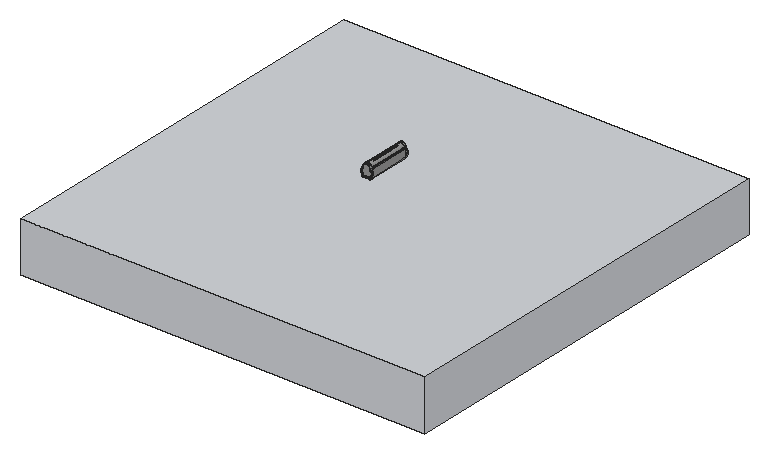
Revit family "L-trade II 12", category Осветительные приборы, Revit 2017
Family settings
  Основа = Грань
  Размер круглого соединителя = Использовать диаметр
  Тип детали = Нормальный
  При загрузке вырезать с полостями = Нет
  Источник света = Да
  Общий = Нет
  Точка расчета площади = Нет
Parameters (values of type "L-trade II 12 4.0K Д")
  Расстояние от светильника до поверхности = 250 mm
  Описание = "Универсальный светодиодный светильник нового поколения L-trade II 20 предназначен для освещения торговых залов, промышленных помещений, логистических центров, складов, магазинов, спортивных сооружений и т.д."
  Lamp = ""
  Кривая сил света = "Д"
  Комментарии к типоразмеру = "Торговые"
  Wattage Comments = ""
  Wattage = 11.108 W
  built-in parameter 1150110 = 1 (stored number, unit not read)
  built-in parameter 1114217 = 1 (stored number, unit not read)
  Tilt Angle = 90.00°
  built-in parameter 1150109 = 1 (stored number, unit not read)
  built-in parameter 1150134 = 6
  built-in parameter 1150113 = 1 (stored number, unit not read)
  Файл фотометрической сетки = "L-trade II 12-15-Д-4.0-03.ies"
  built-in parameter 1150142 = "䕉乓㩁䵌㘭ⴳ㤱㔹਍呛卅嵔䕌䕄ൌ嬊䅄䅔そ⸵㈰㈮㄰സ嬊䅍啎䅆嵃䕌䕄ൌ嬊啌䍍呁䱝琭慲敤䤠⁉㈱ㄯ⼵⿄⸴䬰〯ള嬊啌䥍䅎剉嵅⃿⃿‬痢‬Ⳣ‬⃨⃩⻲⻤†਍䱛䵁䍐呁䱝䑅਍䱛䵁嵐协䅒⁍啄䥒⁓㕓਍䥔呌丽乏൅ഊㄊㄠ㔶‰‱㜳ㄠㄠ㈠〠㈮ㄸ〠〮〵〠ㄮ㌱਍਍‱‱㔱਍਍〠㈠㔮㔠㜠㔮ㄠ‰㈱㔮ㄠ‵㜱㔮㈠‰㈲㔮㈠‵㜲㔮㌠‰㈳㔮㌠‵㜳㔮㐠‰㈴㔮㐠‵㜴㔮਍㔠‰㈵㔮㔠‵㜵㔮㘠‰㈶㔮㘠‵㜶㔮㜠‰㈷㔮㜠‵㜷㔮㠠‰㈸㔮㠠‵㜸㔮㤠രഊ 〠਍਍†ㄵ⸲㈳㔵㔉㐱㠮㔰षㄵ⸷㐶㄰㔉㘱㔮㜷लㄵ⸴㔴㐱㔉〱㔮㐵र〵⸵㐹〸㐉㠹㔮㜰श㠴⸸㐹㐱㐉㈸㔮㌶ह㜴⸴㘰㘰㐉㈶〮㐱ल㔴⸲〸㈲㐉㜴ㄮ㌳ळ㐴⸰〴㔱㐉㌲㜮㤴ल〴⸶㌰㤳㌉ㄹ㔮㜰ऴ㜳⸷㌳㈵㌉㤵㘮㤱ह㌳⸹㈴㔴㌉㈲㜮㈷ल〳⸲㌹ㄱ㈉㘷㌮㠵ल㘲⸰㘷㜸㈉㜳㜮㠳हㄲ⸶㠴㘰ㄉ㈹㜮㈴ऱ㜱⸰㘰㘶ㄉ㠴〮㤹श㌱⸰㠳㐴ㄉ㤰㐮〸ऴ㠸㈮㈲र〷ㄮ㈵व㈵〮㈸ह㔳〮㘷ल〲㔮㤴7"
  built-in parameter 1150105 = 131.3 (stored number, unit not read)
  Lumens = 1650 lm
  built-in parameter 1150115 = 1 (stored number, unit not read)
  built-in parameter 1150137 = (empty or 0)
  built-in parameter 1150139 = (empty or 0)
  built-in parameter 1150112 = 1 (stored number, unit not read)
  built-in parameter 1150114 = 1 (stored number, unit not read)
  built-in parameter 1150132 = 2
  Классификация нагрузок = Освещение
  built-in parameter 1150102 = (empty or 0)
  built-in parameter 1150107 = 4000 (stored number, unit not read)
  built-in parameter 1150138 = (empty or 0)
  built-in parameter 1150106 = 1.313 (stored number, unit not read)
  Emit from Rectangle Width = 48 mm
  Emit from Rectangle Length = 250 mm  # constant formula
  Manufacturer = ""
  Длина профиля = Emit from Rectangle Length  # 250 mm
  Emit Shape Visible in Rendering = no
  built-in parameter 1150104 = 13.8 (stored number, unit not read)
  Dimming Lamp Color Temperature Shift = (empty or 0)
  Default Elevation = 1219.2 mm
  Color Filter = 16777215
  built-in parameter 1114218 = 1 (stored number, unit not read)
  built-in parameter 1150133 = 10 (stored number, unit not read)
  Apparent Load = 15 VA  # constant formula
  Артикул = "205101500843300"
Reference planes
  plane 1 "Center (Front/Back)": y = 0
  plane 2: z = 0
  plane 3 "Center (Left/Right)": x = 0
Forms (mm)
  Extrusion 1, solid
    sketch origin (0, 0, 0) x (1, 0, 0) y (0, 1, 0)
      loop
        line (-1219.2, 1219.2) -> (-1219.2, -1219.2) -> (1219.2, -1219.2) -> (1219.2, 1219.2) -> (-1219.2, 1219.2)
    from 0 to -304.8
Dimensions and locks
  "Расстояние от светильника до поверхности": imposter light to Extrusion 1
  aligned and locked: plane 2 to Extrusion 1
  aligned and locked: level to Extrusion 1
Automatic sketch dimensions
  Extrusion 1 sketch curve to Extrusion 1 sketch curve = 2438.4 mm  (x2)
Nested families
  nested 1: "L-trade II_body_12" at (0, 0, 0), type "L-trade II_body"
Connectors
  electrical at (0, 0, 0), driven by "Apparent Load", driven by "Классификация нагрузок"
    settings: on Extrusion 1, index 1, voltage 230 V, apparent load 0 VA, apparent load phase1 15 VA, apparent load phase2 0 VA, apparent load phase3 0 VA, power factor 1, load classification "Освещение", number of poles 1, system type 31, power factor state 1, is connector primary yes, connector utility no, sub classification motor no, connector description ""
Definition of nested family "L-trade II_body_12"
  Parameters (values of type "L-trade II_body_12")
    Тип торцевой крышки = Trade II торцевая крышка : Trade II торцевая крышка
    Расстояние от светильника до плоскости = Расстояние от низа светильника до плоскости + 80 mm  # 250 mm
    Расстояние от низа светильника до плоскости = 170 mm
    Default Elevation = 1219.2 mm
    Начало выдавливания = 125 mm
    Конец выдавливания = Начало выдавливания * (-1)  # -125 mm
    Длина профиля = Начало выдавливания * 2  # 250 mm
  Reference planes
    plane 1 "По центру (Вперед/Назад)": y = 0
    plane 2: z = 0
    plane 3 "По центру (Влево/Вправо)": x = 0
    plane 4 "Плоскость расположения светильника": z = 170
  Forms (mm)
    Extrusion 1, solid
      sketch origin (0, 0, 0) x (1, 0, 0) y (0, 1, 0)
        loop
          line (-1219.2, 1219.2) -> (-1219.2, -1219.2) -> (1219.2, -1219.2) -> (1219.2, 1219.2) -> (-1219.2, 1219.2)
      from 0 to -304.8
    Extrusion 2, solid
      sketch origin (0, 0, 170) x (0, -1, 0) y (1, 0, 0)
        loop
          line (-125, 2.572) -> (134, 2.572) -> (134, 4.625) -> (-125, 4.625) -> (-125, 2.572)
        loop
          line (-125, -2.572) -> (-125, -4.625) -> (134, -4.625) -> (134, -2.572) -> (-125, -2.572)
      from 0 to 1
    Extrusion 3, solid
      sketch origin (0, 0, 0) x (1, 0, 0) y (0, 0, 1)
        loop
          line (2.572, 170) -> (21.583, 170)
          arc (21.583, 170) -> (23.284, 170.705) -> (23.988, 172.406) r 2.406
          line (23.988, 172.406) -> (23.988, 219.1) -> (23.054, 219.44)
          arc (23.054, 219.44) -> (20.433, 219.877) -> (22.85, 220.98) r 1.389
          line (22.85, 220.98) -> (23.732, 222.227)
          arc (23.732, 222.227) -> (24.096, 223.532) -> (23.546, 224.771) r 2.006
          arc (23.546, 224.771) -> (23.261, 225.083) -> (23.188, 225.5) r 0.757
          line (23.188, 225.5) -> (22.224, 225.5) -> (22.224, 224.659) -> (22.797, 224.087)
          arc (22.797, 224.087) -> (22.797, 222.684) -> (21.394, 222.684) r 0.992
          arc (21.394, 222.684) -> (21.071, 222.931) -> (20.696, 223.087) r 1.556
          line (20.696, 223.087) -> (18.325, 223.087)
          arc (18.325, 223.087) -> (16.847, 224.004) -> (18.515, 224.5) r 0.954
          line (18.515, 224.5) -> (19.803, 224.5) -> (19.803, 225.5) -> (19.002, 225.5)
          arc (19.002, 225.5) -> (17.792, 225.901) -> (16.582, 225.5) r 2.024
          line (16.582, 225.5) -> (4.453, 225.5) -> (4.453, 224.5) -> (5.483, 224.5) -> (5.483, 223.3) -> (-5.506, 223.3) -> (-5.506, 224.5) -> (-4.477, 224.5) -> (-4.477, 225.5) -> (-16.606, 225.5)
          arc (-16.606, 225.5) -> (-17.815, 225.901) -> (-19.025, 225.5) r 2.024
          line (-19.025, 225.5) -> (-19.826, 225.5) -> (-19.826, 224.5) -> (-18.538, 224.5)
          arc (-18.538, 224.5) -> (-16.87, 224.004) -> (-18.349, 223.087) r 0.954
          line (-18.349, 223.087) -> (-20.719, 223.087)
          arc (-20.719, 223.087) -> (-21.095, 222.931) -> (-21.417, 222.684) r 1.556
          arc (-21.417, 222.684) -> (-22.82, 222.684) -> (-22.82, 224.087) r 0.992
          line (-22.82, 224.087) -> (-22.247, 224.659) -> (-22.247, 225.5) -> (-23.212, 225.5)
          arc (-23.212, 225.5) -> (-23.284, 225.083) -> (-23.569, 224.771) r 0.757
          arc (-23.569, 224.771) -> (-24.119, 223.532) -> (-23.756, 222.227) r 2.006
          line (-23.756, 222.227) -> (-22.873, 220.98)
          arc (-22.873, 220.98) -> (-20.456, 219.877) -> (-23.077, 219.44) r 1.389
          line (-23.077, 219.44) -> (-24.012, 219.1) -> (-24.012, 172.406)
          arc (-24.012, 172.406) -> (-23.307, 170.705) -> (-21.606, 170) r 2.406
          line (-21.606, 170) -> (-2.595, 170) -> (-2.595, 171) -> (-4.649, 171) -> (-4.649, 175.456) -> (4.625, 175.456) -> (4.625, 171) -> (2.572, 171) -> (2.572, 170)
        loop
          line (5.619, 171) -> (21.584, 171)
          arc (21.584, 171) -> (22.577, 171.411) -> (22.988, 172.405) r 1.405
          line (22.988, 172.405) -> (22.988, 217.897)
          arc (22.988, 217.897) -> (19.715, 218.767) -> (20.407, 222.082) r 2.462
          line (20.407, 222.082) -> (18.726, 222.082)
          arc (18.726, 222.082) -> (16.485, 222.332) -> (15.866, 224.5) r 2.024
          line (15.866, 224.5) -> (6.476, 224.5) -> (6.476, 222.279) -> (-6.499, 222.279) -> (-6.499, 224.5) -> (-15.89, 224.5)
          arc (-15.89, 224.5) -> (-16.509, 222.332) -> (-18.749, 222.082) r 2.024
          line (-18.749, 222.082) -> (-20.43, 222.082)
          arc (-20.43, 222.082) -> (-19.738, 218.767) -> (-23.012, 217.897) r 2.462
          line (-23.012, 217.897) -> (-23.012, 172.405)
          arc (-23.012, 172.405) -> (-22.6, 171.411) -> (-21.607, 171) r 1.405
          line (-21.607, 171) -> (-5.642, 171) -> (-5.642, 176.427) -> (5.619, 176.427) -> (5.619, 171)
      from 125 <- "Начало выдавливания" to -125 <- "Конец выдавливания"
    Extrusion 4, solid
      sketch origin (0, 0, 0) x (1, 0, 0) y (0, 0, 1)
        loop
          arc (-0.012, 246.283) -> (14.71, 240.185) -> (20.808, 225.463) r 20.82
          line (20.808, 225.463) -> (20.808, 224.359) -> (18.369, 224.359) -> (18.369, 223.222) -> (22.088, 223.222) -> (22.088, 225.463)
          arc (22.088, 225.463) -> (15.615, 241.09) -> (-0.012, 247.563) r 22.1
          arc (-0.012, 247.563) -> (-15.639, 241.09) -> (-22.112, 225.463) r 22.1
          line (-22.112, 225.463) -> (-22.112, 223.222) -> (-18.393, 223.222) -> (-18.393, 224.359) -> (-20.832, 224.359) -> (-20.832, 225.463)
          arc (-20.832, 225.463) -> (-14.734, 240.185) -> (-0.012, 246.283) r 20.82
      from 125 <- "Начало выдавливания" to -125 <- "Конец выдавливания"
  Dimensions and locks
    "Расстояние от низа светильника до плоскости": plane 4 "Плоскость расположения светильника" to Extrusion 1
    aligned and locked: plane 2 to Extrusion 1
    aligned and locked: level to Extrusion 1
  Automatic sketch dimensions
    Extrusion 1 sketch curve to Extrusion 1 sketch curve = 2438.4 mm  (x2)
    Extrusion 2 sketch curve to plane 3 "По центру (Влево/Вправо)" = 2.572 mm
    Extrusion 2 sketch curve to plane 1 "По центру (Вперед/Назад)" = 125 mm
    plane 1 "По центру (Вперед/Назад)" to Extrusion 2 sketch curve = 134 mm
    plane 3 "По центру (Влево/Вправо)" to Extrusion 2 sketch curve = 2.572 mm
    Extrusion 2 sketch curve to Extrusion 2 sketch curve = 0 mm  (x2)
    Extrusion 2 sketch curve to Extrusion 2 sketch curve = 2.053 mm  (x2)
    Extrusion 3 sketch curve to Extrusion 3 sketch curve = 0 mm  (x22)
    Extrusion 3 sketch curve to plane 4 "Плоскость расположения светильника" = 0 mm  (x2)
    Extrusion 3 sketch curve to plane 3 "По центру (Влево/Вправо)" = 24.012 mm
    Extrusion 3 sketch curve to Extrusion 3 sketch curve = 0.047 mm
    Extrusion 3 sketch curve to Extrusion 3 sketch curve = 0.256 mm
    Extrusion 3 sketch curve to Extrusion 3 sketch curve = 0.753 mm  (x2)
    Extrusion 3 sketch curve to Extrusion 3 sketch curve = 0.935 mm  (x2)
    Extrusion 3 sketch curve to Extrusion 3 sketch curve = 1 mm  (x4)
    Extrusion 3 sketch curve to Extrusion 3 sketch curve = 0.882 mm  (x2)
    Extrusion 3 sketch curve to Extrusion 3 sketch curve = 0.392 mm
    Extrusion 3 sketch curve to Extrusion 3 sketch curve = 0.964 mm  (x2)
    Extrusion 3 sketch curve to Extrusion 3 sketch curve = 0.702 mm  (x2)
    Extrusion 3 sketch curve to Extrusion 3 sketch curve = 1.04 mm  (x2)
    Extrusion 3 sketch curve to Extrusion 3 sketch curve = 1.405 mm
    Extrusion 3 sketch curve to Extrusion 3 sketch curve = 0.001 mm  (x2)
    Extrusion 3 sketch curve to Extrusion 3 sketch curve = 1.399 mm  (x2)
    Extrusion 3 sketch curve to Extrusion 3 sketch curve = 0.289 mm  (x2)
    Extrusion 3 sketch curve to Extrusion 3 sketch curve = 0.114 mm  (x2)
    Extrusion 3 sketch curve to Extrusion 3 sketch curve = 2.421 mm
    Extrusion 3 sketch curve to Extrusion 3 sketch curve = 0.801 mm  (x2)
    Extrusion 3 sketch curve to Extrusion 3 sketch curve = 1.567 mm  (x2)
    Extrusion 3 sketch curve to Extrusion 3 sketch curve = 0.487 mm  (x2)
    Extrusion 3 sketch curve to Extrusion 3 sketch curve = 0.401 mm  (x2)
    Extrusion 3 sketch curve to Extrusion 3 sketch curve = 0.533 mm  (x2)
    Extrusion 3 sketch curve to Extrusion 3 sketch curve = 1.21 mm  (x2)
    Extrusion 3 sketch curve to Extrusion 3 sketch curve = 0.716 mm  (x2)
    Extrusion 3 sketch curve to plane 3 "По центру (Влево/Вправо)" = 6.499 mm
    plane 4 "Плоскость расположения светильника" to Extrusion 3 sketch curve = 1 mm  (x4)
    Extrusion 3 sketch curve to plane 3 "По центру (Влево/Вправо)" = 5.642 mm
    Extrusion 3 sketch curve to Extrusion 3 sketch curve = 0.993 mm  (x4)
    Extrusion 3 sketch curve to Extrusion 3 sketch curve = 1.03 mm  (x2)
    Extrusion 3 sketch curve to Extrusion 3 sketch curve = 2.053 mm  (x2)
    plane 3 "По центру (Влево/Вправо)" to Extrusion 3 sketch curve = 2.572 mm
    plane 3 "По центру (Влево/Вправо)" to Extrusion 3 sketch curve = 4.453 mm
    Extrusion 3 sketch curve to Extrusion 3 sketch curve = 9.39 mm
    Extrusion 3 sketch curve to Extrusion 3 sketch curve = 0.723 mm
    plane 4 "Плоскость расположения светильника" to Extrusion 3 sketch curve = 2.406 mm
    Extrusion 3 sketch curve to Extrusion 3 sketch curve = 15.964 mm
    Extrusion 3 sketch curve to Extrusion 3 sketch curve = 1.517 mm
    Extrusion 3 sketch curve to Extrusion 3 sketch curve = 0.129 mm
    Extrusion 3 sketch curve to Extrusion 3 sketch curve = 0.573 mm  (x3)
    Extrusion 3 sketch curve to Extrusion 3 sketch curve = 4.456 mm
    Extrusion 3 sketch curve to Extrusion 3 sketch curve = 0.971 mm
    Extrusion 3 sketch curve to Extrusion 3 sketch curve = 41.47 mm  (x2)
    Extrusion 3 sketch curve to Extrusion 3 sketch curve = 1.203 mm  (x2)
    Extrusion 3 sketch curve to Extrusion 3 sketch curve = 0.34 mm  (x2)
    Extrusion 3 sketch curve to Extrusion 3 sketch curve = 0.619 mm  (x2)
    Extrusion 3 sketch curve to Extrusion 3 sketch curve = 0.498 mm  (x2)
    Extrusion 3 sketch curve to Extrusion 3 sketch curve = 1.247 mm  (x2)
    Extrusion 3 sketch curve to Extrusion 3 sketch curve = 0.198 mm
    Extrusion 3 sketch curve to Extrusion 3 sketch curve = 1.005 mm  (x2)
    Extrusion 3 sketch curve to Extrusion 3 sketch curve = 1.021 mm
    Extrusion 3 sketch curve to Extrusion 3 sketch curve = 0.299 mm  (x2)
    Extrusion 3 sketch curve to Extrusion 3 sketch curve = 0.791 mm  (x2)
    Extrusion 3 sketch curve to Extrusion 3 sketch curve = 1.33 mm  (x2)
    Extrusion 3 sketch curve to Extrusion 3 sketch curve = 0.841 mm  (x2)
    Extrusion 3 sketch curve to Extrusion 3 sketch curve = 0.698 mm
    Extrusion 4 sketch curve to Extrusion 4 sketch curve = 0 mm  (x13)
    Extrusion 4 sketch curve to plane 3 "По центру (Влево/Вправо)" = 22.112 mm
    Extrusion 4 sketch curve to Extrusion 4 sketch curve = 1.28 mm
    Extrusion 4 sketch curve to Extrusion 4 sketch curve = 2.439 mm  (x2)
    Extrusion 4 sketch curve to plane 3 "По центру (Влево/Вправо)" = 0.012 mm
    plane 4 "Плоскость расположения светильника" to Extrusion 4 sketch curve = 53.222 mm
    Extrusion 4 sketch curve to Extrusion 4 sketch curve = 1.137 mm  (x2)
    Extrusion 4 sketch curve to Extrusion 4 sketch curve = 1.104 mm
  Nested families
    nested 1: "Trade II торцевая крышка" at (0.005, 0, 0), type <- "Тип торцевой крышки", type "Trade II торцевая крышка"
      with Расстояние от светильника до плоскости 250 mm, Расстояние до плоскости 178 mm, Начало профиля 125 mm, Начало выделения 125 mm, Конец профиля 125 mm, Конец выделения 125 mm, Длина профиля 250 mm
    nested 2: "Trade II торцевая крышка" at (0, 0, 0), type <- "Тип торцевой крышки", type "Trade II торцевая крышка"
      with Расстояние от светильника до плоскости 250 mm, Расстояние до плоскости 178 mm, Начало профиля 125 mm, Начало выделения 125 mm, Конец профиля 125 mm, Конец выделения 125 mm, Длина профиля 250 mm
  Definition of nested family "Trade II торцевая крышка"
    Parameters (values of type "Trade II торцевая крышка")
      Расстояние от светильника до плоскости = Расстояние до плоскости + 72 mm  # 322 mm
      Расстояние до плоскости = 250 mm
      Default Elevation = 1219.2 mm
      Начало профиля = 500 mm
      Начало выделения = Начало профиля  # 500 mm
      Конец профиля = Начало профиля  # 500 mm
      Конец выделения = Конец профиля  # 500 mm
      Длина профиля = Начало профиля * 2  # 1000 mm
    Reference planes
      plane 1 "По центру (Вперед/Назад)": y = 0
      plane 2: z = 0
      plane 3 "По центру (Влево/Вправо)": x = 0
      plane 4 "Плоскость низа светильника": z = 250
      plane 5 "Начало выд": y = -500
      plane 6 "Конец выд": y = 500
    Forms (mm)
      Extrusion 1, solid
        sketch origin (0, 0, 0) x (1, 0, 0) y (0, 1, 0)
          loop
            line (-1219.2, 1219.2) -> (-1219.2, -1219.2) -> (1219.2, -1219.2) -> (1219.2, 1219.2) -> (-1219.2, 1219.2)
        from 0 to -304.8
      Extrusion 2, solid
        sketch origin (0, 500, 0) x (0, 0, -1) y (1, 0, 0)
          loop
            arc (-298.752, 21.086) -> (-313.465, 14.795) -> (-319.533, -0.012) r 21.1
            arc (-319.533, -0.012) -> (-313.465, -14.818) -> (-298.752, -21.109) r 21.1
            arc (-298.752, -21.109) -> (-295.801, -23.179) -> (-292.204, -23.41) r 6.666
            arc (-292.204, -23.41) -> (-287.349, -22.848) -> (-283.631, -26.02) r 6.12
            line (-283.631, -26.02) -> (-282.1, -29.159)
            arc (-282.1, -29.159) -> (-281.536, -29.747) -> (-280.75, -29.964) r 1.536
            line (-280.75, -29.964) -> (-272.479, -29.964) -> (-264.208, -29.964)
            arc (-264.208, -29.964) -> (-263.423, -29.748) -> (-262.859, -29.161) r 1.536
            line (-262.859, -29.161) -> (-261.333, -26.017)
            arc (-261.333, -26.017) -> (-257.413, -22.783) -> (-252.402, -23.624) r 6.12
            arc (-252.402, -23.624) -> (-249.184, -24.431) -> (-246.185, -23.012) r 4.919
            arc (-246.185, -23.012) -> (-245.496, -23.055) -> (-244.832, -22.871) r 2.071
            arc (-244.832, -22.871) -> (-244.246, -22.355) -> (-244.028, -21.606) r 1.397
            line (-244.028, -21.606) -> (-244.028, -5.649) -> (-250, -5.649) -> (-250, -0.012) -> (-250, 5.625) -> (-244.028, 5.625) -> (-244.028, 21.583)
            arc (-244.028, 21.583) -> (-244.246, 22.332) -> (-244.832, 22.848) r 1.397
            arc (-244.832, 22.848) -> (-245.496, 23.032) -> (-246.185, 22.988) r 2.071
            arc (-246.185, 22.988) -> (-249.184, 24.408) -> (-252.402, 23.601) r 4.919
            arc (-252.402, 23.601) -> (-257.413, 22.759) -> (-261.333, 25.993) r 6.12
            line (-261.333, 25.993) -> (-262.859, 29.137)
            arc (-262.859, 29.137) -> (-263.423, 29.725) -> (-264.208, 29.94) r 1.536
            line (-264.208, 29.94) -> (-272.479, 29.94) -> (-280.75, 29.94)
            arc (-280.75, 29.94) -> (-281.536, 29.724) -> (-282.1, 29.136) r 1.536
            line (-282.1, 29.136) -> (-283.631, 25.997)
            arc (-283.631, 25.997) -> (-287.349, 22.825) -> (-292.204, 23.386) r 6.12
            arc (-292.204, 23.386) -> (-295.801, 23.156) -> (-298.752, 21.086) r 6.666
        from 0 to -1
      Extrusion 3, solid
        sketch origin (0, -500, 0) x (0, 0, -1) y (1, 0, 0)
          loop
            line (-244.028, 5.632) -> (-244.028, 21.59)
            arc (-244.028, 21.59) -> (-244.246, 22.339) -> (-244.832, 22.854) r 1.397
            arc (-244.832, 22.854) -> (-245.496, 23.039) -> (-246.185, 22.995) r 2.071
            arc (-246.185, 22.995) -> (-249.184, 24.415) -> (-252.402, 23.607) r 4.919
            arc (-252.402, 23.607) -> (-257.413, 22.766) -> (-261.333, 26) r 6.12
            line (-261.333, 26) -> (-262.859, 29.144)
            arc (-262.859, 29.144) -> (-263.423, 29.731) -> (-264.208, 29.947) r 1.536
            line (-264.208, 29.947) -> (-272.479, 29.947) -> (-280.75, 29.947)
            arc (-280.75, 29.947) -> (-281.536, 29.731) -> (-282.1, 29.143) r 1.536
            line (-282.1, 29.143) -> (-283.631, 26.003)
            arc (-283.631, 26.003) -> (-287.349, 22.832) -> (-292.204, 23.393) r 6.12
            arc (-292.204, 23.393) -> (-295.801, 23.163) -> (-298.752, 21.093) r 6.666
            arc (-298.752, 21.093) -> (-313.465, 14.802) -> (-319.533, -0.005) r 21.1
            arc (-319.533, -0.005) -> (-313.465, -14.811) -> (-298.752, -21.102) r 21.1
            arc (-298.752, -21.102) -> (-295.801, -23.172) -> (-292.204, -23.403) r 6.666
            arc (-292.204, -23.403) -> (-287.349, -22.841) -> (-283.631, -26.013) r 6.12
            line (-283.631, -26.013) -> (-282.1, -29.153)
            arc (-282.1, -29.153) -> (-281.536, -29.741) -> (-280.75, -29.957) r 1.536
            line (-280.75, -29.957) -> (-272.479, -29.957) -> (-264.208, -29.957)
            arc (-264.208, -29.957) -> (-263.423, -29.741) -> (-262.859, -29.154) r 1.536
            line (-262.859, -29.154) -> (-261.333, -26.01)
            arc (-261.333, -26.01) -> (-257.413, -22.776) -> (-252.402, -23.617) r 6.12
            arc (-252.402, -23.617) -> (-249.184, -24.424) -> (-246.185, -23.005) r 4.919
            arc (-246.185, -23.005) -> (-245.496, -23.049) -> (-244.832, -22.864) r 2.071
            arc (-244.832, -22.864) -> (-244.246, -22.348) -> (-244.028, -21.599) r 1.397
            line (-244.028, -21.599) -> (-244.028, -5.642) -> (-248, -5.642) -> (-250, -5.649) -> (-250, 5.625) -> (-248, 5.625) -> (-244.028, 5.632)
        from 0 to 1
      Extrusion 4, solid
        sketch origin (0, -500, 0) x (0, 0, -1) y (1, 0, 0)
          loop
            arc (-319.533, -0.005) -> (-313.465, -14.811) -> (-298.752, -21.102) r 21.1
            arc (-298.752, -21.102) -> (-295.801, -23.172) -> (-292.204, -23.403) r 6.666
            arc (-292.204, -23.403) -> (-287.349, -22.841) -> (-283.631, -26.013) r 6.12
            line (-283.631, -26.013) -> (-282.1, -29.153)
            arc (-282.1, -29.153) -> (-281.536, -29.741) -> (-280.75, -29.957) r 1.536
            line (-280.75, -29.957) -> (-272.479, -29.957) -> (-264.208, -29.957)
            arc (-264.208, -29.957) -> (-263.423, -29.741) -> (-262.859, -29.154) r 1.536
            line (-262.859, -29.154) -> (-261.333, -26.01)
            arc (-261.333, -26.01) -> (-257.413, -22.776) -> (-252.402, -23.617) r 6.12
            arc (-252.402, -23.617) -> (-249.184, -24.424) -> (-246.185, -23.005) r 4.919
            arc (-246.185, -23.005) -> (-245.496, -23.049) -> (-244.832, -22.864) r 2.071
            arc (-244.832, -22.864) -> (-244.246, -22.348) -> (-244.028, -21.599) r 1.397
            line (-244.028, -21.599) -> (-244.028, -5.642) -> (-248, -5.642) -> (-250, -5.649) -> (-250, -0.012) -> (-250, 5.639) -> (-248, 5.639) -> (-244.028, 5.632) -> (-244.028, 21.59)
            arc (-244.028, 21.59) -> (-244.246, 22.339) -> (-244.832, 22.854) r 1.397
            arc (-244.832, 22.854) -> (-245.496, 23.039) -> (-246.185, 22.995) r 2.071
            arc (-246.185, 22.995) -> (-249.184, 24.415) -> (-252.402, 23.607) r 4.919
            arc (-252.402, 23.607) -> (-257.413, 22.766) -> (-261.333, 26) r 6.12
            line (-261.333, 26) -> (-262.859, 29.144)
            arc (-262.859, 29.144) -> (-263.423, 29.731) -> (-264.208, 29.947) r 1.536
            line (-264.208, 29.947) -> (-272.479, 29.947) -> (-280.75, 29.947)
            arc (-280.75, 29.947) -> (-281.536, 29.731) -> (-282.1, 29.143) r 1.536
            line (-282.1, 29.143) -> (-283.631, 26.003)
            arc (-283.631, 26.003) -> (-287.349, 22.832) -> (-292.204, 23.393) r 6.12
            arc (-292.204, 23.393) -> (-295.801, 23.163) -> (-298.752, 21.093) r 6.666
            arc (-298.752, 21.093) -> (-313.465, 14.802) -> (-319.533, -0.005) r 21.1
          loop
            arc (-321.533, -0.005) -> (-315.194, -15.9) -> (-299.657, -23.072) r 23.1
            arc (-299.657, -23.072) -> (-295.831, -25.254) -> (-291.427, -25.274) r 8.666
            arc (-291.427, -25.274) -> (-288.06, -24.718) -> (-285.429, -26.89) r 4.12
            line (-285.429, -26.89) -> (-283.883, -30.06)
            arc (-283.883, -30.06) -> (-282.581, -31.446) -> (-280.75, -31.957) r 3.536
            line (-280.75, -31.957) -> (-272.479, -31.957) -> (-264.208, -31.957)
            arc (-264.208, -31.957) -> (-262.377, -31.446) -> (-261.075, -30.06) r 3.536
            line (-261.075, -30.06) -> (-259.534, -26.884)
            arc (-259.534, -26.884) -> (-256.893, -24.707) -> (-253.519, -25.276) r 4.12
            arc (-253.519, -25.276) -> (-249.474, -26.446) -> (-245.501, -25.054) r 6.919
            arc (-245.501, -25.054) -> (-244.724, -24.938) -> (-243.983, -24.675) r 4.071
            arc (-243.983, -24.675) -> (-242.558, -23.421) -> (-242.028, -21.599) r 3.397
            line (-242.028, -21.599) -> (-242.028, -3.642) -> (-248, -3.642) -> (-248, -0.012) -> (-248, 3.632) -> (-242.028, 3.632) -> (-242.028, 21.59)
            arc (-242.028, 21.59) -> (-242.558, 23.412) -> (-243.983, 24.665) r 3.397
            arc (-243.983, 24.665) -> (-244.724, 24.929) -> (-245.501, 25.045) r 4.071
            arc (-245.501, 25.045) -> (-249.474, 26.436) -> (-253.519, 25.267) r 6.919
            arc (-253.519, 25.267) -> (-256.893, 24.698) -> (-259.534, 26.875) r 4.12
            line (-259.534, 26.875) -> (-261.075, 30.05)
            arc (-261.075, 30.05) -> (-262.377, 31.436) -> (-264.208, 31.947) r 3.536
            line (-264.208, 31.947) -> (-272.479, 31.947) -> (-280.75, 31.947)
            arc (-280.75, 31.947) -> (-282.581, 31.436) -> (-283.883, 30.05) r 3.536
            line (-283.883, 30.05) -> (-285.429, 26.88)
            arc (-285.429, 26.88) -> (-288.06, 24.708) -> (-291.427, 25.265) r 4.12
            arc (-291.427, 25.265) -> (-295.831, 25.245) -> (-299.657, 23.063) r 8.666
            arc (-299.657, 23.063) -> (-315.194, 15.891) -> (-321.533, -0.005) r 23.1
        from 0 to 9
      Extrusion 5, solid
        sketch origin (0, 500, 0) x (0, 0, -1) y (1, 0, 0)
          loop
            arc (-319.526, -0.004) -> (-313.459, -14.811) -> (-298.746, -21.101) r 21.1
            arc (-298.746, -21.101) -> (-295.795, -23.171) -> (-292.197, -23.402) r 6.666
            arc (-292.197, -23.402) -> (-287.343, -22.84) -> (-283.625, -26.012) r 6.12
            line (-283.625, -26.012) -> (-282.093, -29.152)
            arc (-282.093, -29.152) -> (-281.529, -29.74) -> (-280.743, -29.956) r 1.536
            line (-280.743, -29.956) -> (-272.472, -29.956) -> (-264.202, -29.956)
            arc (-264.202, -29.956) -> (-263.416, -29.74) -> (-262.852, -29.153) r 1.536
            line (-262.852, -29.153) -> (-261.326, -26.009)
            arc (-261.326, -26.009) -> (-257.406, -22.775) -> (-252.395, -23.616) r 6.12
            arc (-252.395, -23.616) -> (-249.177, -24.424) -> (-246.178, -23.004) r 4.919
            arc (-246.178, -23.004) -> (-245.49, -23.048) -> (-244.825, -22.863) r 2.071
            arc (-244.825, -22.863) -> (-244.239, -22.348) -> (-244.021, -21.598) r 1.397
            line (-244.021, -21.598) -> (-244.021, -5.641) -> (-247.993, -5.641) -> (-249.993, -5.648) -> (-249.993, -0.011) -> (-249.993, 5.64) -> (-247.993, 5.64) -> (-244.021, 5.633) -> (-244.021, 21.59)
            arc (-244.021, 21.59) -> (-244.239, 22.34) -> (-244.825, 22.855) r 1.397
            arc (-244.825, 22.855) -> (-245.49, 23.04) -> (-246.178, 22.996) r 2.071
            arc (-246.178, 22.996) -> (-249.177, 24.416) -> (-252.395, 23.608) r 4.919
            arc (-252.395, 23.608) -> (-257.406, 22.767) -> (-261.326, 26.001) r 6.12
            line (-261.326, 26.001) -> (-262.852, 29.145)
            arc (-262.852, 29.145) -> (-263.416, 29.732) -> (-264.202, 29.948) r 1.536
            line (-264.202, 29.948) -> (-272.472, 29.948) -> (-280.743, 29.948)
            arc (-280.743, 29.948) -> (-281.529, 29.732) -> (-282.093, 29.144) r 1.536
            line (-282.093, 29.144) -> (-283.625, 26.004)
            arc (-283.625, 26.004) -> (-287.343, 22.833) -> (-292.197, 23.394) r 6.12
            arc (-292.197, 23.394) -> (-295.795, 23.163) -> (-298.746, 21.094) r 6.666
            arc (-298.746, 21.094) -> (-313.459, 14.803) -> (-319.526, -0.004) r 21.1
          loop
            arc (-321.526, -0.004) -> (-315.188, -15.899) -> (-299.65, -23.071) r 23.1
            arc (-299.65, -23.071) -> (-295.824, -25.254) -> (-291.42, -25.273) r 8.666
            arc (-291.42, -25.273) -> (-288.054, -24.717) -> (-285.422, -26.889) r 4.12
            line (-285.422, -26.889) -> (-283.876, -30.059)
            arc (-283.876, -30.059) -> (-282.575, -31.445) -> (-280.743, -31.956) r 3.536
            line (-280.743, -31.956) -> (-272.472, -31.956) -> (-264.202, -31.956)
            arc (-264.202, -31.956) -> (-262.37, -31.445) -> (-261.068, -30.059) r 3.536
            line (-261.068, -30.059) -> (-259.527, -26.883)
            arc (-259.527, -26.883) -> (-256.887, -24.706) -> (-253.512, -25.275) r 4.12
            arc (-253.512, -25.275) -> (-249.468, -26.445) -> (-245.494, -25.053) r 6.919
            arc (-245.494, -25.053) -> (-244.717, -24.937) -> (-243.976, -24.674) r 4.071
            arc (-243.976, -24.674) -> (-242.551, -23.421) -> (-242.021, -21.598) r 3.397
            line (-242.021, -21.598) -> (-242.021, -3.641) -> (-247.993, -3.641) -> (-247.993, -0.011) -> (-247.993, 3.633) -> (-242.021, 3.633) -> (-242.021, 21.59)
            arc (-242.021, 21.59) -> (-242.551, 23.413) -> (-243.976, 24.666) r 3.397
            arc (-243.976, 24.666) -> (-244.717, 24.93) -> (-245.494, 25.046) r 4.071
            arc (-245.494, 25.046) -> (-249.468, 26.437) -> (-253.512, 25.267) r 6.919
            arc (-253.512, 25.267) -> (-256.887, 24.698) -> (-259.527, 26.875) r 4.12
            line (-259.527, 26.875) -> (-261.068, 30.051)
            arc (-261.068, 30.051) -> (-262.37, 31.437) -> (-264.202, 31.948) r 3.536
            line (-264.202, 31.948) -> (-272.472, 31.948) -> (-280.743, 31.948)
            arc (-280.743, 31.948) -> (-282.575, 31.437) -> (-283.876, 30.051) r 3.536
            line (-283.876, 30.051) -> (-285.422, 26.881)
            arc (-285.422, 26.881) -> (-288.054, 24.709) -> (-291.42, 25.265) r 4.12
            arc (-291.42, 25.265) -> (-295.824, 25.246) -> (-299.65, 23.064) r 8.666
            arc (-299.65, 23.064) -> (-315.188, 15.892) -> (-321.526, -0.004) r 23.1
        from 0 to -9
      Extrusion 6, solid
        sketch origin (0, -500, 0) x (0, 0, -1) y (1, 0, 0)
          loop
            line (-244.028, 5.632) -> (-244.028, 21.59)
            arc (-244.028, 21.59) -> (-244.246, 22.339) -> (-244.832, 22.854) r 1.397
            arc (-244.832, 22.854) -> (-245.496, 23.039) -> (-246.185, 22.995) r 2.071
            arc (-246.185, 22.995) -> (-249.184, 24.415) -> (-252.402, 23.607) r 4.919
            arc (-252.402, 23.607) -> (-257.413, 22.766) -> (-261.333, 26) r 6.12
            line (-261.333, 26) -> (-262.859, 29.144)
            arc (-262.859, 29.144) -> (-263.423, 29.731) -> (-264.208, 29.947) r 1.536
            line (-264.208, 29.947) -> (-272.479, 29.947) -> (-280.75, 29.947)
            arc (-280.75, 29.947) -> (-281.536, 29.731) -> (-282.1, 29.143) r 1.536
            line (-282.1, 29.143) -> (-283.631, 26.003)
            arc (-283.631, 26.003) -> (-287.349, 22.832) -> (-292.204, 23.393) r 6.12
            arc (-292.204, 23.393) -> (-295.801, 23.163) -> (-298.752, 21.093) r 6.666
            arc (-298.752, 21.093) -> (-313.465, 14.802) -> (-319.533, -0.005) r 21.1
            arc (-319.533, -0.005) -> (-313.465, -14.811) -> (-298.752, -21.102) r 21.1
            arc (-298.752, -21.102) -> (-295.801, -23.172) -> (-292.204, -23.403) r 6.666
            arc (-292.204, -23.403) -> (-287.349, -22.841) -> (-283.631, -26.013) r 6.12
            line (-283.631, -26.013) -> (-282.1, -29.153)
            arc (-282.1, -29.153) -> (-281.536, -29.741) -> (-280.75, -29.957) r 1.536
            line (-280.75, -29.957) -> (-272.479, -29.957) -> (-264.208, -29.957)
            arc (-264.208, -29.957) -> (-263.423, -29.741) -> (-262.859, -29.154) r 1.536
            line (-262.859, -29.154) -> (-261.333, -26.01)
            arc (-261.333, -26.01) -> (-257.413, -22.776) -> (-252.402, -23.617) r 6.12
            arc (-252.402, -23.617) -> (-249.184, -24.424) -> (-246.185, -23.005) r 4.919
            arc (-246.185, -23.005) -> (-245.496, -23.049) -> (-244.832, -22.864) r 2.071
            arc (-244.832, -22.864) -> (-244.246, -22.348) -> (-244.028, -21.599) r 1.397
            line (-244.028, -21.599) -> (-244.028, -5.642) -> (-248, -5.642) -> (-250, -5.649) -> (-250, 5.625) -> (-248, 5.625) -> (-244.028, 5.632)
        from 8 to 9
      Extrusion 7, solid
        sketch origin (0, 500, 0) x (0, 0, -1) y (1, 0, 0)
          loop
            line (-244.028, 5.632) -> (-244.028, 21.59)
            arc (-244.028, 21.59) -> (-244.246, 22.339) -> (-244.832, 22.854) r 1.397
            arc (-244.832, 22.854) -> (-245.496, 23.039) -> (-246.185, 22.995) r 2.071
            arc (-246.185, 22.995) -> (-249.184, 24.415) -> (-252.402, 23.607) r 4.919
            arc (-252.402, 23.607) -> (-257.413, 22.766) -> (-261.333, 26) r 6.12
            line (-261.333, 26) -> (-262.859, 29.144)
            arc (-262.859, 29.144) -> (-263.423, 29.731) -> (-264.208, 29.947) r 1.536
            line (-264.208, 29.947) -> (-272.479, 29.947) -> (-280.75, 29.947)
            arc (-280.75, 29.947) -> (-281.536, 29.731) -> (-282.1, 29.143) r 1.536
            line (-282.1, 29.143) -> (-283.631, 26.003)
            arc (-283.631, 26.003) -> (-287.349, 22.832) -> (-292.204, 23.393) r 6.12
            arc (-292.204, 23.393) -> (-295.801, 23.163) -> (-298.752, 21.093) r 6.666
            arc (-298.752, 21.093) -> (-313.465, 14.802) -> (-319.533, -0.005) r 21.1
            arc (-319.533, -0.005) -> (-313.465, -14.811) -> (-298.752, -21.102) r 21.1
            arc (-298.752, -21.102) -> (-295.801, -23.172) -> (-292.204, -23.403) r 6.666
            arc (-292.204, -23.403) -> (-287.349, -22.841) -> (-283.631, -26.013) r 6.12
            line (-283.631, -26.013) -> (-282.1, -29.153)
            arc (-282.1, -29.153) -> (-281.536, -29.741) -> (-280.75, -29.957) r 1.536
            line (-280.75, -29.957) -> (-272.479, -29.957) -> (-264.208, -29.957)
            arc (-264.208, -29.957) -> (-263.423, -29.741) -> (-262.859, -29.154) r 1.536
            line (-262.859, -29.154) -> (-261.333, -26.01)
            arc (-261.333, -26.01) -> (-257.413, -22.776) -> (-252.402, -23.617) r 6.12
            arc (-252.402, -23.617) -> (-249.184, -24.424) -> (-246.185, -23.005) r 4.919
            arc (-246.185, -23.005) -> (-245.496, -23.049) -> (-244.832, -22.864) r 2.071
            arc (-244.832, -22.864) -> (-244.246, -22.348) -> (-244.028, -21.599) r 1.397
            line (-244.028, -21.599) -> (-244.028, -5.642) -> (-248, -5.642) -> (-250, -5.649) -> (-250, 5.625) -> (-248, 5.625) -> (-244.028, 5.632)
        from -8 to -9
    Dimensions and locks
      "Расстояние до плоскости": plane 4 "Плоскость низа светильника" to Extrusion 1
      "Начало выделения": plane 5 "Начало выд" to plane 1 "По центру (Вперед/Назад)"
      "Конец выделения": plane 1 "По центру (Вперед/Назад)" to plane 6 "Конец выд"
      aligned and locked: plane 2 to Extrusion 1
      aligned and locked: level to Extrusion 1
    Automatic sketch dimensions
      Extrusion 1 sketch curve to Extrusion 1 sketch curve = 2438.4 mm  (x2)
      Extrusion 2 sketch curve to Extrusion 2 sketch curve = 0 mm  (x2)
      Extrusion 2 sketch curve to plane 4 "Плоскость низа светильника" = 0 mm
      plane 4 "Плоскость низа светильника" to Extrusion 2 sketch curve = 5.829 mm  (x2)
      Extrusion 2 sketch curve to Extrusion 2 sketch curve = 5.503 mm  (x2)
      Extrusion 2 sketch curve to Extrusion 2 sketch curve = 1.526 mm  (x2)
      Extrusion 2 sketch curve to Extrusion 2 sketch curve = 1.35 mm  (x4)
      Extrusion 2 sketch curve to Extrusion 2 sketch curve = 8.271 mm  (x4)
      Extrusion 2 sketch curve to Extrusion 2 sketch curve = 1.531 mm  (x2)
      Extrusion 2 sketch curve to Extrusion 2 sketch curve = 5.501 mm  (x2)
      Extrusion 2 sketch curve to Extrusion 2 sketch curve = 4.46 mm  (x2)
      Extrusion 2 sketch curve to plane 3 "По центру (Влево/Вправо)" = 0.012 mm  (x2)
      Extrusion 2 sketch curve to Extrusion 2 sketch curve = 4.841 mm
      Extrusion 2 sketch curve to plane 4 "Плоскость низа светильника" = 0.334 mm  (x2)
      Extrusion 2 sketch curve to Extrusion 2 sketch curve = 3.955 mm  (x2)
      Extrusion 2 sketch curve to Extrusion 2 sketch curve = 0.286 mm  (x2)
      Extrusion 2 sketch curve to Extrusion 2 sketch curve = 1.397 mm
      Extrusion 2 sketch curve to plane 4 "Плоскость низа светильника" = 5.972 mm
      Extrusion 2 sketch curve to plane 3 "По центру (Влево/Вправо)" = 5.649 mm
      Extrusion 2 sketch curve to plane 3 "По центру (Влево/Вправо)" = 16.89 mm
      Extrusion 2 sketch curve to Extrusion 2 sketch curve = 13.888 mm  (x2)
      Extrusion 2 sketch curve to Extrusion 2 sketch curve = 1.459 mm  (x2)
      Extrusion 2 sketch curve to Extrusion 2 sketch curve = 0.611 mm  (x2)
      Extrusion 2 sketch curve to Extrusion 2 sketch curve = 6.48 mm  (x2)
      Extrusion 2 sketch curve to Extrusion 2 sketch curve = 9.13 mm  (x2)
      Extrusion 2 sketch curve to Extrusion 2 sketch curve = 2.408 mm  (x2)
      Extrusion 2 sketch curve to Extrusion 2 sketch curve = 2.412 mm  (x2)
      Extrusion 2 sketch curve to Extrusion 2 sketch curve = 2.678 mm  (x2)
      Extrusion 2 sketch curve to Extrusion 2 sketch curve = 2.683 mm  (x2)
      Extrusion 2 sketch curve to Extrusion 2 sketch curve = 0.731 mm  (x2)
      plane 3 "По центру (Влево/Вправо)" to Extrusion 2 sketch curve = 5.625 mm
      plane 3 "По центру (Влево/Вправо)" to Extrusion 2 sketch curve = 16.867 mm
      plane 4 "Плоскость низа светильника" to Extrusion 2 sketch curve = 2.402 mm  (x2)
      Extrusion 2 sketch curve to Extrusion 2 sketch curve = 3.072 mm  (x2)
      Extrusion 2 sketch curve to Extrusion 2 sketch curve = 5.16 mm
      Extrusion 2 sketch curve to Extrusion 2 sketch curve = 1.353 mm  (x2)
      Extrusion 3 sketch curve to Extrusion 3 sketch curve = 0 mm  (x4)
      Extrusion 3 sketch curve to plane 4 "Плоскость низа светильника" = 0 mm
      plane 4 "Плоскость низа светильника" to Extrusion 3 sketch curve = 5.829 mm  (x2)
      Extrusion 3 sketch curve to Extrusion 3 sketch curve = 5.503 mm  (x2)
      Extrusion 3 sketch curve to Extrusion 3 sketch curve = 1.526 mm  (x2)
      Extrusion 3 sketch curve to Extrusion 3 sketch curve = 1.35 mm  (x4)
      Extrusion 3 sketch curve to Extrusion 3 sketch curve = 8.271 mm  (x4)
      Extrusion 3 sketch curve to Extrusion 3 sketch curve = 1.531 mm  (x2)
      Extrusion 3 sketch curve to Extrusion 3 sketch curve = 5.501 mm  (x2)
      Extrusion 3 sketch curve to Extrusion 3 sketch curve = 4.46 mm  (x2)
      Extrusion 3 sketch curve to plane 3 "По центру (Влево/Вправо)" = 0.005 mm
      Extrusion 3 sketch curve to Extrusion 3 sketch curve = 4.841 mm
      Extrusion 3 sketch curve to plane 4 "Плоскость низа светильника" = 0.334 mm  (x2)
      Extrusion 3 sketch curve to Extrusion 3 sketch curve = 3.955 mm  (x2)
      Extrusion 3 sketch curve to Extrusion 3 sketch curve = 0.286 mm  (x2)
      Extrusion 3 sketch curve to plane 4 "Плоскость низа светильника" = 5.972 mm  (x2)
      Extrusion 3 sketch curve to plane 3 "По центру (Влево/Вправо)" = 5.642 mm
      Extrusion 3 sketch curve to Extrusion 3 sketch curve = 0.007 mm  (x2)
      Extrusion 3 sketch curve to plane 3 "По центру (Влево/Вправо)" = 16.883 mm
      Extrusion 3 sketch curve to Extrusion 3 sketch curve = 13.881 mm
      Extrusion 3 sketch curve to Extrusion 3 sketch curve = 1.459 mm  (x2)
      Extrusion 3 sketch curve to Extrusion 3 sketch curve = 0.611 mm  (x2)
      Extrusion 3 sketch curve to Extrusion 3 sketch curve = 6.48 mm  (x2)
      Extrusion 3 sketch curve to Extrusion 3 sketch curve = 9.13 mm  (x2)
      Extrusion 3 sketch curve to Extrusion 3 sketch curve = 2.408 mm  (x2)
      Extrusion 3 sketch curve to Extrusion 3 sketch curve = 2.412 mm  (x2)
      Extrusion 3 sketch curve to Extrusion 3 sketch curve = 2.678 mm  (x2)
      Extrusion 3 sketch curve to Extrusion 3 sketch curve = 2.683 mm  (x2)
      Extrusion 3 sketch curve to Extrusion 3 sketch curve = 0.731 mm  (x2)
      plane 3 "По центру (Влево/Вправо)" to Extrusion 3 sketch curve = 5.625 mm
      plane 3 "По центру (Влево/Вправо)" to Extrusion 3 sketch curve = 16.874 mm
      Extrusion 3 sketch curve to Extrusion 3 sketch curve = 13.895 mm
      plane 4 "Плоскость низа светильника" to Extrusion 3 sketch curve = 2.402 mm  (x2)
      Extrusion 3 sketch curve to Extrusion 3 sketch curve = 3.072 mm  (x2)
      Extrusion 3 sketch curve to Extrusion 3 sketch curve = 5.16 mm
      Extrusion 3 sketch curve to plane 4 "Плоскость низа светильника" = 2 mm  (x2)
      Extrusion 3 sketch curve to Extrusion 3 sketch curve = 1.353 mm  (x2)
      Extrusion 4 sketch curve to Extrusion 4 sketch curve = 0 mm  (x48)
      Extrusion 4 sketch curve to plane 4 "Плоскость низа светильника" = 0 mm
      plane 4 "Плоскость низа светильника" to Extrusion 4 sketch curve = 5.829 mm  (x2)
      Extrusion 4 sketch curve to Extrusion 4 sketch curve = 3.705 mm  (x2)
      Extrusion 4 sketch curve to Extrusion 4 sketch curve = 1.541 mm  (x2)
      Extrusion 4 sketch curve to Extrusion 4 sketch curve = 1.799 mm  (x2)
      Extrusion 4 sketch curve to Extrusion 4 sketch curve = 1.783 mm  (x4)
      Extrusion 4 sketch curve to Extrusion 4 sketch curve = 1.35 mm  (x4)
      Extrusion 4 sketch curve to Extrusion 4 sketch curve = 8.271 mm  (x4)
      Extrusion 4 sketch curve to Extrusion 4 sketch curve = 1.531 mm  (x2)
      Extrusion 4 sketch curve to Extrusion 4 sketch curve = 1.798 mm  (x2)
      Extrusion 4 sketch curve to Extrusion 4 sketch curve = 3.703 mm  (x2)
      Extrusion 4 sketch curve to Extrusion 4 sketch curve = 4.46 mm  (x2)
      Extrusion 4 sketch curve to plane 3 "По центру (Влево/Вправо)" = 0.005 mm
      Extrusion 4 sketch curve to Extrusion 4 sketch curve = 4.841 mm
      Extrusion 4 sketch curve to plane 4 "Плоскость низа светильника" = 0.334 mm  (x2)
      Extrusion 4 sketch curve to plane 4 "Плоскость низа светильника" = 2 mm  (x2)
      Extrusion 4 sketch curve to Extrusion 4 sketch curve = 3.955 mm  (x2)
      Extrusion 4 sketch curve to Extrusion 4 sketch curve = 0.286 mm  (x2)
      Extrusion 4 sketch curve to Extrusion 4 sketch curve = 3.972 mm
      Extrusion 4 sketch curve to Extrusion 4 sketch curve = 1.397 mm
      Extrusion 4 sketch curve to Extrusion 4 sketch curve = 2 mm  (x5)
      Extrusion 4 sketch curve to plane 3 "По центру (Влево/Вправо)" = 0.012 mm  (x2)
      Extrusion 4 sketch curve to Extrusion 4 sketch curve = 3.63 mm
      Extrusion 4 sketch curve to Extrusion 4 sketch curve = 0.007 mm  (x2)
      Extrusion 4 sketch curve to plane 3 "По центру (Влево/Вправо)" = 16.883 mm
      Extrusion 4 sketch curve to Extrusion 4 sketch curve = 13.881 mm  (x2)
      Extrusion 4 sketch curve to Extrusion 4 sketch curve = 1.459 mm  (x2)
      Extrusion 4 sketch curve to Extrusion 4 sketch curve = 0.611 mm  (x2)
      Extrusion 4 sketch curve to Extrusion 4 sketch curve = 6.48 mm  (x2)
      Extrusion 4 sketch curve to Extrusion 4 sketch curve = 9.13 mm  (x2)
      Extrusion 4 sketch curve to Extrusion 4 sketch curve = 0.874 mm  (x2)
      Extrusion 4 sketch curve to Extrusion 4 sketch curve = 0.877 mm  (x2)
      Extrusion 4 sketch curve to Extrusion 4 sketch curve = 2.412 mm  (x2)
      Extrusion 4 sketch curve to Extrusion 4 sketch curve = 2.408 mm  (x2)
      Extrusion 4 sketch curve to Extrusion 4 sketch curve = 1.804 mm  (x2)
      Extrusion 4 sketch curve to Extrusion 4 sketch curve = 1.806 mm  (x2)
      Extrusion 4 sketch curve to Extrusion 4 sketch curve = 0.731 mm  (x2)
      Extrusion 4 sketch curve to Extrusion 4 sketch curve = 0.907 mm
      plane 3 "По центру (Влево/Вправо)" to Extrusion 4 sketch curve = 3.632 mm
      plane 3 "По центру (Влево/Вправо)" to Extrusion 4 sketch curve = 16.874 mm
      Extrusion 4 sketch curve to Extrusion 4 sketch curve = 0.906 mm
      plane 4 "Плоскость низа светильника" to Extrusion 4 sketch curve = 2.402 mm  (x2)
      Extrusion 4 sketch curve to Extrusion 4 sketch curve = 1.117 mm  (x2)
      Extrusion 4 sketch curve to Extrusion 4 sketch curve = 2.295 mm  (x2)
      Extrusion 4 sketch curve to Extrusion 4 sketch curve = 0.778 mm  (x2)
      Extrusion 4 sketch curve to Extrusion 4 sketch curve = 5.16 mm
      Extrusion 4 sketch curve to Extrusion 4 sketch curve = 0.905 mm
      Extrusion 4 sketch curve to Extrusion 4 sketch curve = 1.353 mm  (x2)
      Extrusion 4 sketch curve to Extrusion 4 sketch curve = 1.518 mm  (x2)
      Extrusion 5 sketch curve to Extrusion 5 sketch curve = 0 mm  (x49)
      Extrusion 5 sketch curve to plane 3 "По центру (Влево/Вправо)" = 0.004 mm
      plane 4 "Плоскость низа светильника" to Extrusion 5 sketch curve = 48.426 mm
      Extrusion 5 sketch curve to Extrusion 5 sketch curve = 4.841 mm  (x2)
      Extrusion 5 sketch curve to Extrusion 5 sketch curve = 4.46 mm  (x2)
      Extrusion 5 sketch curve to Extrusion 5 sketch curve = 3.703 mm  (x2)
      Extrusion 5 sketch curve to plane 3 "По центру (Влево/Вправо)" = 26.889 mm
      Extrusion 5 sketch curve to Extrusion 5 sketch curve = 1.546 mm  (x2)
      Extrusion 5 sketch curve to Extrusion 5 sketch curve = 1.798 mm  (x2)
      Extrusion 5 sketch curve to Extrusion 5 sketch curve = 1.783 mm  (x4)
      Extrusion 5 sketch curve to Extrusion 5 sketch curve = 1.35 mm  (x4)
      Extrusion 5 sketch curve to Extrusion 5 sketch curve = 8.271 mm  (x4)
      Extrusion 5 sketch curve to Extrusion 5 sketch curve = 1.526 mm  (x2)
      Extrusion 5 sketch curve to Extrusion 5 sketch curve = 1.799 mm  (x2)
      Extrusion 5 sketch curve to Extrusion 5 sketch curve = 3.705 mm  (x2)
      Extrusion 5 sketch curve to plane 4 "Плоскость низа светильника" = 0.007 mm
      Extrusion 5 sketch curve to plane 4 "Плоскость низа светильника" = 0.341 mm  (x2)
      Extrusion 5 sketch curve to plane 4 "Плоскость низа светильника" = 2.007 mm
      Extrusion 5 sketch curve to Extrusion 5 sketch curve = 3.955 mm  (x2)
      Extrusion 5 sketch curve to Extrusion 5 sketch curve = 0.286 mm  (x2)
      Extrusion 5 sketch curve to Extrusion 5 sketch curve = 3.972 mm
      Extrusion 5 sketch curve to Extrusion 5 sketch curve = 1.397 mm
      Extrusion 5 sketch curve to Extrusion 5 sketch curve = 2 mm  (x6)
      Extrusion 5 sketch curve to Extrusion 5 sketch curve = 1.532 mm  (x2)
      Extrusion 5 sketch curve to Extrusion 5 sketch curve = 0.266 mm
      Extrusion 5 sketch curve to Extrusion 5 sketch curve = 1.806 mm  (x2)
      Extrusion 5 sketch curve to Extrusion 5 sketch curve = 0.731 mm  (x2)
      Extrusion 5 sketch curve to Extrusion 5 sketch curve = 0.907 mm
      Extrusion 5 sketch curve to Extrusion 5 sketch curve = 3.176 mm
      Extrusion 5 sketch curve to Extrusion 5 sketch curve = 0.877 mm  (x2)
      Extrusion 5 sketch curve to Extrusion 5 sketch curve = 0.874 mm  (x2)
      Extrusion 5 sketch curve to Extrusion 5 sketch curve = 7.088 mm
      Extrusion 5 sketch curve to Extrusion 5 sketch curve = 0.611 mm  (x2)
      Extrusion 5 sketch curve to Extrusion 5 sketch curve = 1.459 mm  (x2)
      Extrusion 5 sketch curve to Extrusion 5 sketch curve = 11.813 mm
      Extrusion 5 sketch curve to plane 3 "По центру (Влево/Вправо)" = 5.648 mm
      Extrusion 5 sketch curve to Extrusion 5 sketch curve = 0.007 mm  (x2)
      Extrusion 5 sketch curve to plane 3 "По центру (Влево/Вправо)" = 0.011 mm  (x2)
      plane 3 "По центру (Влево/Вправо)" to Extrusion 5 sketch curve = 3.633 mm
      plane 3 "По центру (Влево/Вправо)" to Extrusion 5 sketch curve = 16.874 mm
      Extrusion 5 sketch curve to Extrusion 5 sketch curve = 13.881 mm
      Extrusion 5 sketch curve to Extrusion 5 sketch curve = 6.48 mm
      Extrusion 5 sketch curve to Extrusion 5 sketch curve = 9.13 mm
      Extrusion 5 sketch curve to Extrusion 5 sketch curve = 2.408 mm
      Extrusion 5 sketch curve to Extrusion 5 sketch curve = 2.412 mm
      Extrusion 5 sketch curve to Extrusion 5 sketch curve = 1.804 mm
      Extrusion 5 sketch curve to Extrusion 5 sketch curve = 0.906 mm
      Extrusion 5 sketch curve to Extrusion 5 sketch curve = 5.16 mm  (x2)
      Extrusion 5 sketch curve to Extrusion 5 sketch curve = 0.905 mm  (x2)
      Extrusion 5 sketch curve to Extrusion 5 sketch curve = 21.1 mm
      plane 4 "Плоскость низа светильника" to Extrusion 5 sketch curve = 3.512 mm  (x2)
      Extrusion 5 sketch curve to Extrusion 5 sketch curve = 1.117 mm  (x2)
      Extrusion 5 sketch curve to Extrusion 5 sketch curve = 1.353 mm  (x2)
      Extrusion 5 sketch curve to Extrusion 5 sketch curve = 1.518 mm  (x2)
      Extrusion 6 sketch curve to Extrusion 6 sketch curve = 0 mm  (x4)
      Extrusion 6 sketch curve to plane 4 "Плоскость низа светильника" = 0 mm
      plane 4 "Плоскость низа светильника" to Extrusion 6 sketch curve = 5.829 mm  (x2)
      Extrusion 6 sketch curve to Extrusion 6 sketch curve = 5.503 mm  (x2)
      Extrusion 6 sketch curve to Extrusion 6 sketch curve = 1.526 mm  (x2)
      Extrusion 6 sketch curve to Extrusion 6 sketch curve = 1.35 mm  (x4)
      Extrusion 6 sketch curve to Extrusion 6 sketch curve = 8.271 mm  (x4)
      Extrusion 6 sketch curve to Extrusion 6 sketch curve = 1.531 mm  (x2)
      Extrusion 6 sketch curve to Extrusion 6 sketch curve = 5.501 mm  (x2)
      Extrusion 6 sketch curve to Extrusion 6 sketch curve = 4.46 mm  (x2)
      Extrusion 6 sketch curve to plane 3 "По центру (Влево/Вправо)" = 0.005 mm
      Extrusion 6 sketch curve to Extrusion 6 sketch curve = 4.841 mm
      Extrusion 6 sketch curve to plane 4 "Плоскость низа светильника" = 0.334 mm  (x2)
      Extrusion 6 sketch curve to Extrusion 6 sketch curve = 3.955 mm  (x2)
      Extrusion 6 sketch curve to Extrusion 6 sketch curve = 0.286 mm  (x2)
      Extrusion 6 sketch curve to plane 4 "Плоскость низа светильника" = 5.972 mm  (x2)
      Extrusion 6 sketch curve to plane 3 "По центру (Влево/Вправо)" = 5.642 mm
      Extrusion 6 sketch curve to Extrusion 6 sketch curve = 0.007 mm  (x2)
      Extrusion 6 sketch curve to plane 3 "По центру (Влево/Вправо)" = 16.883 mm
      Extrusion 6 sketch curve to Extrusion 6 sketch curve = 13.881 mm
      Extrusion 6 sketch curve to Extrusion 6 sketch curve = 1.459 mm  (x2)
      Extrusion 6 sketch curve to Extrusion 6 sketch curve = 0.611 mm  (x2)
      Extrusion 6 sketch curve to Extrusion 6 sketch curve = 6.48 mm  (x2)
      Extrusion 6 sketch curve to Extrusion 6 sketch curve = 9.13 mm  (x2)
      Extrusion 6 sketch curve to Extrusion 6 sketch curve = 2.408 mm  (x2)
      Extrusion 6 sketch curve to Extrusion 6 sketch curve = 2.412 mm  (x2)
      Extrusion 6 sketch curve to Extrusion 6 sketch curve = 2.678 mm  (x2)
      Extrusion 6 sketch curve to Extrusion 6 sketch curve = 2.683 mm  (x2)
      Extrusion 6 sketch curve to Extrusion 6 sketch curve = 0.731 mm  (x2)
      plane 3 "По центру (Влево/Вправо)" to Extrusion 6 sketch curve = 5.625 mm
      plane 3 "По центру (Влево/Вправо)" to Extrusion 6 sketch curve = 16.874 mm
      Extrusion 6 sketch curve to Extrusion 6 sketch curve = 13.895 mm
      plane 4 "Плоскость низа светильника" to Extrusion 6 sketch curve = 2.402 mm  (x2)
      Extrusion 6 sketch curve to Extrusion 6 sketch curve = 3.072 mm  (x2)
      Extrusion 6 sketch curve to Extrusion 6 sketch curve = 5.16 mm
      Extrusion 6 sketch curve to plane 4 "Плоскость низа светильника" = 2 mm  (x2)
      Extrusion 6 sketch curve to Extrusion 6 sketch curve = 1.353 mm  (x2)
      Extrusion 7 sketch curve to Extrusion 7 sketch curve = 0 mm  (x4)
      Extrusion 7 sketch curve to plane 4 "Плоскость низа светильника" = 0 mm
      plane 4 "Плоскость низа светильника" to Extrusion 7 sketch curve = 5.829 mm  (x2)
      Extrusion 7 sketch curve to Extrusion 7 sketch curve = 5.503 mm  (x2)
      Extrusion 7 sketch curve to Extrusion 7 sketch curve = 1.526 mm  (x2)
      Extrusion 7 sketch curve to Extrusion 7 sketch curve = 1.35 mm  (x4)
      Extrusion 7 sketch curve to Extrusion 7 sketch curve = 8.271 mm  (x4)
      Extrusion 7 sketch curve to Extrusion 7 sketch curve = 1.531 mm  (x2)
      Extrusion 7 sketch curve to Extrusion 7 sketch curve = 5.501 mm  (x2)
      Extrusion 7 sketch curve to Extrusion 7 sketch curve = 4.46 mm  (x2)
      Extrusion 7 sketch curve to plane 3 "По центру (Влево/Вправо)" = 0.005 mm
      Extrusion 7 sketch curve to Extrusion 7 sketch curve = 4.841 mm
      Extrusion 7 sketch curve to plane 4 "Плоскость низа светильника" = 0.334 mm  (x2)
      Extrusion 7 sketch curve to Extrusion 7 sketch curve = 3.955 mm  (x2)
      Extrusion 7 sketch curve to Extrusion 7 sketch curve = 0.286 mm  (x2)
      Extrusion 7 sketch curve to plane 4 "Плоскость низа светильника" = 5.972 mm  (x2)
      Extrusion 7 sketch curve to plane 3 "По центру (Влево/Вправо)" = 5.642 mm
      Extrusion 7 sketch curve to Extrusion 7 sketch curve = 0.007 mm  (x2)
      Extrusion 7 sketch curve to plane 3 "По центру (Влево/Вправо)" = 16.883 mm
      Extrusion 7 sketch curve to Extrusion 7 sketch curve = 13.881 mm
      Extrusion 7 sketch curve to Extrusion 7 sketch curve = 1.459 mm  (x2)
      Extrusion 7 sketch curve to Extrusion 7 sketch curve = 0.611 mm  (x2)
      Extrusion 7 sketch curve to Extrusion 7 sketch curve = 6.48 mm  (x2)
      Extrusion 7 sketch curve to Extrusion 7 sketch curve = 9.13 mm  (x2)
      Extrusion 7 sketch curve to Extrusion 7 sketch curve = 2.408 mm  (x2)
      Extrusion 7 sketch curve to Extrusion 7 sketch curve = 2.412 mm  (x2)
      Extrusion 7 sketch curve to Extrusion 7 sketch curve = 2.678 mm  (x2)
      Extrusion 7 sketch curve to Extrusion 7 sketch curve = 2.683 mm  (x2)
      Extrusion 7 sketch curve to Extrusion 7 sketch curve = 0.731 mm  (x2)
      plane 3 "По центру (Влево/Вправо)" to Extrusion 7 sketch curve = 5.625 mm
      plane 3 "По центру (Влево/Вправо)" to Extrusion 7 sketch curve = 16.874 mm
      Extrusion 7 sketch curve to Extrusion 7 sketch curve = 13.895 mm
      plane 4 "Плоскость низа светильника" to Extrusion 7 sketch curve = 2.402 mm  (x2)
      Extrusion 7 sketch curve to Extrusion 7 sketch curve = 3.072 mm  (x2)
      Extrusion 7 sketch curve to Extrusion 7 sketch curve = 5.16 mm
      Extrusion 7 sketch curve to plane 4 "Плоскость низа светильника" = 2 mm  (x2)
      Extrusion 7 sketch curve to Extrusion 7 sketch curve = 1.353 mm  (x2)
Types (2, lengths in mm): name | built-in parameter 1150134 | Файл фотометрической сетки | built-in parameter 1150142 | built-in parameter 1150107 | Артикул
  L-trade II 12 4.0K Д | 6 | "L-trade II 12-15-Д-4.0-03.ies" | "䕉乓㩁䵌㘭ⴳ㤱㔹਍呛卅嵔䕌䕄ൌ嬊䅄䅔そ⸵㈰㈮㄰സ嬊䅍啎䅆嵃䕌䕄ൌ嬊啌䍍呁䱝琭慲敤䤠⁉㈱ㄯ⼵⿄⸴䬰〯ള嬊啌䥍䅎剉嵅⃿⃿‬痢‬Ⳣ‬⃨⃩⻲⻤†਍䱛䵁䍐呁䱝䑅਍䱛䵁嵐协䅒⁍啄䥒⁓㕓਍䥔呌丽乏൅ഊㄊㄠ㔶‰‱㜳ㄠㄠ㈠〠㈮ㄸ〠〮〵〠ㄮ㌱਍਍‱‱㔱਍਍〠㈠㔮㔠㜠㔮ㄠ‰㈱㔮ㄠ‵㜱㔮㈠‰㈲㔮㈠‵㜲㔮㌠‰㈳㔮㌠‵㜳㔮㐠‰㈴㔮㐠‵㜴㔮਍㔠‰㈵㔮㔠‵㜵㔮㘠‰㈶㔮㘠‵㜶㔮㜠‰㈷㔮㜠‵㜷㔮㠠‰㈸㔮㠠‵㜸㔮㤠രഊ 〠਍਍†ㄵ⸲㈳㔵㔉㐱㠮㔰षㄵ⸷㐶㄰㔉㘱㔮㜷लㄵ⸴㔴㐱㔉〱㔮㐵र〵⸵㐹〸㐉㠹㔮㜰श㠴⸸㐹㐱㐉㈸㔮㌶ह㜴⸴㘰㘰㐉㈶〮㐱ल㔴⸲〸㈲㐉㜴ㄮ㌳ळ㐴⸰〴㔱㐉㌲㜮㤴ल〴⸶㌰㤳㌉ㄹ㔮㜰ऴ㜳⸷㌳㈵㌉㤵㘮㤱ह㌳⸹㈴㔴㌉㈲㜮㈷ल〳⸲㌹ㄱ㈉㘷㌮㠵ल㘲⸰㘷㜸㈉㜳㜮㠳हㄲ⸶㠴㘰ㄉ㈹㜮㈴ऱ㜱⸰㘰㘶ㄉ㠴〮㤹श㌱⸰㠳㐴ㄉ㤰㐮〸ऴ㠸㈮㈲र〷ㄮ㈵व㈵〮㈸ह㔳〮㘷ल〲㔮㤴7" | 4000 (stored number, unit not read) | "205101500843300"
